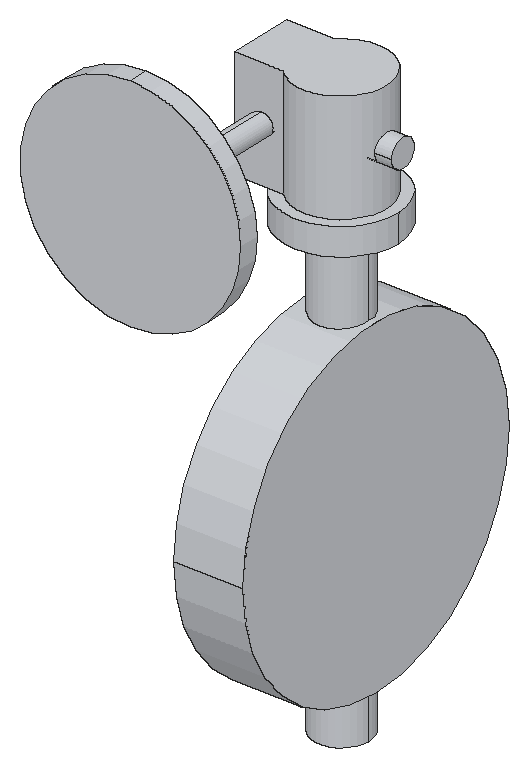
Revit family "HS497-67_disk-litina-převodové kolo DN300-RFA_2018", category Pipe Accessories, Revit 2018
Family settings
  Round Connector Dimension = Use Diameter
  Part Type = Valve - Breaks Into
  Work Plane-Based = No
  Always vertical = Yes
  Cut with Voids When Loaded = No
  Shared = No
Parameters (values of type "HS 497-67_DN300_PN16_převodové kolo")
  magiProductId = "6860f094f77d42088fbebc3c97f755"
  magiProductFamilyId = "53cea81e6f374d17b8841d9c72ad77"
  magiPartTypeId = 305
  isMeasuringValve [instance] = no
  ang2D [instance] = 0.00°
  X11 = 88.77 mm
  X1 = 36.77 mm
  W2D = 1000 mm
  VersionID = "2.0/2017.9.26.1/ZETKAMA_497_001"
  Use Minimum Symbol Size [instance] = yes
  URL = "http://www.hydronic.cz"
  Type Comments = "mezipřírubová; litinový disk; PN16; -10~+110°C (krátkodobě +120°C)"
  SW30 = yes
  SW3 = yes
  SW21 = no
  SW20 = no
  SW2 = no
  SW1 = no
  R = 150 mm
  QmdConnectorList = "301;D;302;D"
  Productdata [instance] = ""
  NC = 70 mm
  Model = ""
  Manufacturer = "Hydronic Systems Prague s.r.o."
  MM20 = 36.77 mm
  MC Product Code = "125 300 (litinový disk, s převodovým kolem; DN300; PN16, kvs7037)"
  M41 = 91.5 mm
  M4 = 61 mm
  LHL = 220 mm
  LHH3 = 2.45 mm
  LHH1 = 46.55 mm
  LH1 = 73.333 mm
  L4R__ve = -L4R  # -22.2 mm
  L4R = 22.2 mm
  L42__ve = -L42  # -166.5 mm
  L42 = 166.5 mm
  L41__ve = -L41  # -33.3 mm
  L41 = 33.3 mm
  L2D_Min = 3048 mm
  L2D = 216 mm
  L2 = 39 mm
  L1 = 62.4 mm
  L = 78 mm
  H = 23 mm
  G22 = 11.25 mm
  G2 = 22.5 mm
  G1 = 90 mm
  G = 130 mm
  F = 22 mm
  E44 = 62.5 mm
  E42 = 125 mm
  E4 = 250 mm
  E23 = 4.9 mm
  E22 = 19.6 mm
  E21 = 9.8 mm
  Description = "Mezipřírubová uzavírací klapka s převodovým kolem; litinový disk, DN300; PN16; kvs7037"
  DR2 = 150 mm
  DR = 376 mm
  DD1 = 31.25 mm
  DD = 25 mm
  D = 300 mm
  CAT0 = yes
  B2__ve = -B2  # -90 mm
  B2 = 90 mm
  A2 = 30.8 mm
  A1 = 127.2 mm
Types (43, lengths in mm): name | magiProductId | X11 | X1 | Type Comments | SW30 | SW3 | SW20 | SW2 | SW1 | R | NC | MM20 | MC Product Code | M41 | M4 | LHL | LHH3 | LHH1 | LH1 | L4R__ve | L4R | L42__ve | L42 | L41__ve | L41 | L2 | L1 | L | H | G | F | E44 | E42 | E4 | E23 | E22 | E21 | Description | DR2 | DR | DD1 | DD | D | B2__ve | B2 | A2 | A1
  HS 497-67_DN100_PN16_volné vřeteno | "65d1b245f4f142c78569c0602d5754" | 61.456 | 25.456 | "mezipřírubová; litinový disk; PN16; -10~+110°C (krátkodobě +120°C)" | no | no | no | no | yes | 50 | 50 | 25.456 | "123 100 (litinový disk, s volným vřetenem; DN100; PN16, kvs512)" | 66 | 44 | 220 | 2.45 | 46.55 | 73.333 | -12.8 | 12.8 | -96 | 96 | -19.2 | 19.2 | 26 | 41.6 | 52 | 30 | 90 | 11 | 31.25 | 62.5 | 125 | 4.9 | 19.6 | 9.8 | "Mezipřírubová uzavírací klapka s volným vřetenem; litinový disk, DN100; PN16; kvs512" | 50 | 147 | 15.625 | 12.5 | 100 | -56 | 56 | 16.5 | 98.5
  HS 497-67_DN100_PN16_převodové kolo | "11e91b807e674d428c8e796fcdcfe2" | 61.456 | 25.456 | "mezipřírubová; litinový disk; PN16; -10~+110°C (krátkodobě +120°C)" | yes | yes | no | no | no | 50 | 50 | 25.456 | "125 100 (litinový disk, s převodovým kolem; DN100; PN16, kvs512)" | 65.25 | 43.5 | 220 | 2.45 | 46.55 | 73.333 | -12.8 | 12.8 | -96 | 96 | -19.2 | 19.2 | 26 | 41.6 | 52 | 30 | 90 | 11 | 31.25 | 62.5 | 125 | 4.9 | 19.6 | 9.8 | "Mezipřírubová uzavírací klapka s převodovým kolem; litinový disk, DN100; PN16; kvs512" | 50 | 147 | 15.625 | 12.5 | 100 | -56 | 56 | 16.5 | 98.5
  HS 497-67_DN100_PN16_s pákou | "28172f0b3f4b47b28323ac71cf8749" | 61.456 | 25.456 | "mezipřírubová; litinový disk; PN16; -10~+110°C (krátkodobě +120°C)" | no | no | yes | yes | no | 50 | 50 | 25.456 | "120 100 (litinový disk, s pákou; DN100; PN16, kvs512)" | 66 | 44 | 260 | 3 | 57 | 86.667 | -12.8 | 12.8 | -96 | 96 | -19.2 | 19.2 | 26 | 41.6 | 52 | 30 | 90 | 11 | 31.25 | 62.5 | 125 | 6 | 24 | 12 | "Mezipřírubová uzavírací klapka s pákou; litinový disk, DN100; PN16; kvs512" | 50 | 147 | 15.625 | 12.5 | 100 | -56 | 56 | 16.5 | 98.5
  HS 497-67_DN125_PN16_volné vřeteno | "0d813d910fc14f628bb3c2efbd185c" | 61.456 | 25.456 | "mezipřírubová; litinový disk; PN16; -10~+110°C (krátkodobě +120°C)" | no | no | no | no | yes | 62.5 | 50 | 25.456 | "123 125 (litinový disk, s volným vřetenem; DN125; PN16, kvs872)" | 66 | 44 | 220 | 2.45 | 46.55 | 73.333 | -12.8 | 12.8 | -96 | 96 | -19.2 | 19.2 | 28 | 44.8 | 56 | 33 | 90 | 14 | 31.25 | 62.5 | 125 | 4.9 | 19.6 | 9.8 | "Mezipřírubová uzavírací klapka s volným vřetenem; litinový disk, DN125; PN16; kvs872" | 62.5 | 180 | 15.625 | 12.5 | 125 | -64 | 64 | 18 | 99.5
  HS 497-67_DN125_PN16_převodové kolo | "c56b7c13f372467684996fb1e0e229" | 61.456 | 25.456 | "mezipřírubová; litinový disk; PN16; -10~+110°C (krátkodobě +120°C)" | yes | yes | no | no | no | 62.5 | 50 | 25.456 | "125 125 (litinový disk, s převodovým kolem; DN125; PN16, kvs872)" | 65.25 | 43.5 | 220 | 2.45 | 46.55 | 73.333 | -13.5 | 13.5 | -101.25 | 101.25 | -20.25 | 20.25 | 28 | 44.8 | 56 | 33 | 90 | 14 | 40 | 80 | 160 | 4.9 | 19.6 | 9.8 | "Mezipřírubová uzavírací klapka s převodovým kolem; litinový disk, DN125; PN16; kvs872" | 62.5 | 180 | 20 | 16 | 125 | -64 | 64 | 18 | 99.5
  HS 497-67_DN125_PN16_s pákou | "105993c79a91492399feef7931321a" | 61.456 | 25.456 | "mezipřírubová; litinový disk; PN16; -10~+110°C (krátkodobě +120°C)" | no | no | yes | yes | no | 62.5 | 50 | 25.456 | "120 125 (litinový disk, s pákou; DN125; PN16, kvs872)" | 66 | 44 | 315 | 3.75 | 71.25 | 105 | -12.8 | 12.8 | -96 | 96 | -19.2 | 19.2 | 28 | 44.8 | 56 | 33 | 90 | 14 | 31.25 | 62.5 | 125 | 7.5 | 30 | 15 | "Mezipřírubová uzavírací klapka s pákou; litinový disk, DN125; PN16; kvs872" | 62.5 | 180 | 15.625 | 12.5 | 125 | -64 | 64 | 18 | 99.5
  HS 497-67_DN150_PN16_volné vřeteno | "50c80cb8ab434f55ab7796e5ac1331" | 61.456 | 25.456 | "mezipřírubová; litinový disk; PN16; -10~+110°C (krátkodobě +120°C)" | no | no | no | no | yes | 75 | 50 | 25.456 | "123 150 (litinový disk, s volným vřetenem; DN150; PN16, kvs1347)" | 66 | 44 | 220 | 2.45 | 46.55 | 73.333 | -12.8 | 12.8 | -96 | 96 | -19.2 | 19.2 | 28 | 44.8 | 56 | 33 | 90 | 14 | 31.25 | 62.5 | 125 | 4.9 | 19.6 | 9.8 | "Mezipřírubová uzavírací klapka s volným vřetenem; litinový disk, DN150; PN16; kvs1347" | 75 | 206 | 15.625 | 12.5 | 150 | -58 | 58 | 19.3 | 98.7
  HS 497-67_DN150_PN16_převodové kolo | "d94a1a0cf83b476eb10011b327f709" | 61.456 | 25.456 | "mezipřírubová; litinový disk; PN16; -10~+110°C (krátkodobě +120°C)" | yes | yes | no | no | no | 75 | 50 | 25.456 | "125 150 (litinový disk, s převodovým kolem; DN150; PN16, kvs1347)" | 65.25 | 43.5 | 220 | 2.45 | 46.55 | 73.333 | -13.5 | 13.5 | -101.25 | 101.25 | -20.25 | 20.25 | 28 | 44.8 | 56 | 33 | 90 | 14 | 40 | 80 | 160 | 4.9 | 19.6 | 9.8 | "Mezipřírubová uzavírací klapka s převodovým kolem; litinový disk, DN150; PN16; kvs1347" | 75 | 206 | 20 | 16 | 150 | -58 | 58 | 19.3 | 98.7
  HS 497-67_DN150_PN16_s pákou | "4d2835523fe84828bc50ff0a5a0dfb" | 61.456 | 25.456 | "mezipřírubová; litinový disk; PN16; -10~+110°C (krátkodobě +120°C)" | no | no | yes | yes | no | 75 | 50 | 25.456 | "120 150 (litinový disk, s pákou; DN150; PN16, kvs1347)" | 66 | 44 | 315 | 3.75 | 71.25 | 105 | -12.8 | 12.8 | -96 | 96 | -19.2 | 19.2 | 28 | 44.8 | 56 | 33 | 90 | 14 | 31.25 | 62.5 | 125 | 7.5 | 30 | 15 | "Mezipřírubová uzavírací klapka s pákou; litinový disk, DN150; PN16; kvs1347" | 75 | 206 | 15.625 | 12.5 | 150 | -58 | 58 | 19.3 | 98.7
  HS 497-67_DN200_PN16_volné vřeteno | "5b29029eaeba47139ee1055a4b9201" | 61.456 | 25.456 | "mezipřírubová; litinový disk; PN16; -10~+110°C (krátkodobě +120°C)" | no | no | no | no | yes | 100 | 50 | 25.456 | "123 200 (litinový disk, s volným vřetenem; DN200; PN16, kvs2675)" | 66 | 44 | 220 | 2.45 | 46.55 | 73.333 | -12.8 | 12.8 | -96 | 96 | -19.2 | 19.2 | 30 | 48 | 60 | 33 | 90 | 17 | 31.25 | 62.5 | 125 | 4.9 | 19.6 | 9.8 | "Mezipřírubová uzavírací klapka s volným vřetenem; litinový disk, DN200; PN16; kvs2675" | 100 | 257 | 15.625 | 12.5 | 200 | -70 | 70 | 22.5 | 102.5
  HS 497-67_DN200_PN16_převodové kolo | "b2793cc1fcc44cf2a35062cd67c04f" | 61.456 | 25.456 | "mezipřírubová; litinový disk; PN16; -10~+110°C (krátkodobě +120°C)" | yes | yes | no | no | no | 100 | 57 | 25.456 | "125 200 (litinový disk, s převodovým kolem; DN200; PN16, kvs2675)" | 78.75 | 52.5 | 220 | 2.45 | 46.55 | 73.333 | -15.2 | 15.2 | -114 | 114 | -22.8 | 22.8 | 30 | 48 | 60 | 33 | 90 | 17 | 50 | 100 | 200 | 4.9 | 19.6 | 9.8 | "Mezipřírubová uzavírací klapka s převodovým kolem; litinový disk, DN200; PN16; kvs2675" | 100 | 257 | 25 | 20 | 200 | -70 | 70 | 22.5 | 102.5
  HS 497-67_DN200_PN16_s pákou | "f88d96c7af224537a51e72d7d8fffe" | 61.456 | 25.456 | "mezipřírubová; litinový disk; PN16; -10~+110°C (krátkodobě +120°C)" | no | no | yes | yes | no | 100 | 50 | 25.456 | "120 200 (litinový disk, s pákou; DN200; PN16, kvs2675)" | 66 | 44 | 315 | 3.75 | 71.25 | 105 | -12.8 | 12.8 | -96 | 96 | -19.2 | 19.2 | 30 | 48 | 60 | 33 | 90 | 17 | 31.25 | 62.5 | 125 | 7.5 | 30 | 15 | "Mezipřírubová uzavírací klapka s pákou; litinový disk, DN200; PN16; kvs2675" | 100 | 257 | 15.625 | 12.5 | 200 | -70 | 70 | 22.5 | 102.5
  HS 497-67_DN250_PN16_volné vřeteno | "b662e8305ca2402b9c510e66e6aa55" | 88.77 | 36.77 | "mezipřírubová; litinový disk; PN16; -10~+110°C (krátkodobě +120°C)" | no | no | no | no | yes | 125 | 50 | 36.77 | "123 250 (litinový disk, s volným vřetenem; DN250; PN16, kvs4555)" | 66 | 44 | 220 | 2.45 | 46.55 | 73.333 | -12.8 | 12.8 | -96 | 96 | -19.2 | 19.2 | 34 | 54.4 | 68 | 23 | 130 | 22 | 31.25 | 62.5 | 125 | 4.9 | 19.6 | 9.8 | "Mezipřírubová uzavírací klapka s volným vřetenem; litinový disk, DN250; PN16; kvs4555" | 125 | 324 | 15.625 | 12.5 | 250 | -85 | 85 | 28.25 | 129.25
  HS 497-67_DN250_PN16_převodové kolo | "5ee9016806664ddfaa2632711f295c" | 88.77 | 36.77 | "mezipřírubová; litinový disk; PN16; -10~+110°C (krátkodobě +120°C)" | yes | yes | no | no | no | 125 | 70 | 36.77 | "125 250 (litinový disk, s převodovým kolem; DN250; PN16, kvs4555)" | 91.5 | 61 | 220 | 2.45 | 46.55 | 73.333 | -22.2 | 22.2 | -166.5 | 166.5 | -33.3 | 33.3 | 34 | 54.4 | 68 | 23 | 130 | 22 | 62.5 | 125 | 250 | 4.9 | 19.6 | 9.8 | "Mezipřírubová uzavírací klapka s převodovým kolem; litinový disk, DN250; PN16; kvs4555" | 125 | 324 | 31.25 | 25 | 250 | -85 | 85 | 28.25 | 129.25
  HS 497-67_DN300_PN16_volné vřeteno | "e1886f51ff004380a649519258edf2" | 88.77 | 36.77 | "mezipřírubová; litinový disk; PN16; -10~+110°C (krátkodobě +120°C)" | no | no | no | no | yes | 150 | 50 | 36.77 | "123 300 (litinový disk, s volným vřetenem; DN300; PN16, kvs7037)" | 66 | 44 | 220 | 2.45 | 46.55 | 73.333 | -12.8 | 12.8 | -96 | 96 | -19.2 | 19.2 | 39 | 62.4 | 78 | 23 | 130 | 22 | 31.25 | 62.5 | 125 | 4.9 | 19.6 | 9.8 | "Mezipřírubová uzavírací klapka s volným vřetenem; litinový disk, DN300; PN16; kvs7037" | 150 | 376 | 15.625 | 12.5 | 300 | -90 | 90 | 30.8 | 127.2
  HS 497-67_DN300_PN16_převodové kolo | "6860f094f77d42088fbebc3c97f755" | 88.77 | 36.77 | "mezipřírubová; litinový disk; PN16; -10~+110°C (krátkodobě +120°C)" | yes | yes | no | no | no | 150 | 70 | 36.77 | "125 300 (litinový disk, s převodovým kolem; DN300; PN16, kvs7037)" | 91.5 | 61 | 220 | 2.45 | 46.55 | 73.333 | -22.2 | 22.2 | -166.5 | 166.5 | -33.3 | 33.3 | 39 | 62.4 | 78 | 23 | 130 | 22 | 62.5 | 125 | 250 | 4.9 | 19.6 | 9.8 | "Mezipřírubová uzavírací klapka s převodovým kolem; litinový disk, DN300; PN16; kvs7037" | 150 | 376 | 31.25 | 25 | 300 | -90 | 90 | 30.8 | 127.2
  HS 497-67_DN032_PN16_volné vřeteno | "8c5f65de52aa4067a77564107e31b2" | 61.456 | 25.456 | "mezipřírubová; litinový disk; PN16; -10~+110°C (krátkodobě +120°C)" | no | no | no | no | yes | 16 | 50 | 25.456 | "123 032 (litinový disk, s volným vřetenem; DN32; PN16, kvs78)" | 66 | 44 | 220 | 2.45 | 46.55 | 73.333 | -12.8 | 12.8 | -96 | 96 | -19.2 | 19.2 | 16.5 | 26.4 | 33 | 30 | 90 | 11 | 31.25 | 62.5 | 125 | 4.9 | 19.6 | 9.8 | "Mezipřírubová uzavírací klapka s volným vřetenem; litinový disk, DN32; PN16; kvs78" | 16 | 68 | 15.625 | 12.5 | 32 | -44.2 | 44.2 | 10.25 | 76.25
  HS 497-67_DN032_PN16_převodové kolo | "60aaeffa8b3a4e809ef000e4660060" | 61.456 | 25.456 | "mezipřírubová; litinový disk; PN16; -10~+110°C (krátkodobě +120°C)" | yes | yes | no | no | no | 16 | 50 | 25.456 | "125 032 (litinový disk, s převodovým kolem; DN32; PN16, kvs78)" | 65.25 | 43.5 | 220 | 2.45 | 46.55 | 73.333 | -12.8 | 12.8 | -96 | 96 | -19.2 | 19.2 | 16.5 | 26.4 | 33 | 30 | 90 | 11 | 31.25 | 62.5 | 125 | 4.9 | 19.6 | 9.8 | "Mezipřírubová uzavírací klapka s převodovým kolem; litinový disk, DN32; PN16; kvs78" | 16 | 68 | 15.625 | 12.5 | 32 | -44.2 | 44.2 | 10.25 | 76.25
  HS 497-67_DN032_PN16_s pákou | "9ad8088d610749a1b871aa2aad8007" | 61.456 | 25.456 | "mezipřírubová; litinový disk; PN16; -10~+110°C (krátkodobě +120°C)" | no | no | yes | yes | no | 16 | 50 | 25.456 | "120 032 (litinový disk, s pákou; DN32; PN16, kvs78)" | 66 | 44 | 220 | 2.45 | 46.55 | 73.333 | -12.8 | 12.8 | -96 | 96 | -19.2 | 19.2 | 16.5 | 26.4 | 33 | 30 | 90 | 11 | 31.25 | 62.5 | 125 | 4.9 | 19.6 | 9.8 | "Mezipřírubová uzavírací klapka s pákou; litinový disk, DN32; PN16; kvs78" | 16 | 68 | 15.625 | 12.5 | 32 | -44.2 | 44.2 | 10.25 | 76.25
  HS 497-67_DN350_PN10_volné vřeteno | "72a1e05f22944421b7e9596a877137" | 109.255 | 45.255 | "mezipřírubová; litinový disk; PN10; -10~+110°C (krátkodobě +120°C)" | no | no | no | no | yes | 175 | 50 | 45.255 | "123 350 (litinový disk, s volným vřetenem; DN350; PN10, kvs10165)" | 66 | 44 | 220 | 2.45 | 46.55 | 73.333 | -12.8 | 12.8 | -96 | 96 | -19.2 | 19.2 | 39 | 62.4 | 78 | 31 | 160 | 22 | 31.25 | 62.5 | 125 | 4.9 | 19.6 | 9.8 | "Mezipřírubová uzavírací klapka s volným vřetenem; litinový disk, DN350; PN10; kvs10165" | 175 | 430 | 15.625 | 12.5 | 350 | -88 | 88 | 33.85 | 129.65
  HS 497-67_DN350_PN10_převodové kolo | "a5a01426cb28494ba3afca92f1dace" | 109.255 | 45.255 | "mezipřírubová; litinový disk; PN10; -10~+110°C (krátkodobě +120°C)" | yes | yes | no | no | no | 175 | 70 | 45.255 | "125 350 (litinový disk, s převodovým kolem; DN350; PN10, kvs10165)" | 91.5 | 61 | 220 | 2.45 | 46.55 | 73.333 | -22.2 | 22.2 | -166.5 | 166.5 | -33.3 | 33.3 | 39 | 62.4 | 78 | 31 | 160 | 22 | 62.5 | 125 | 250 | 4.9 | 19.6 | 9.8 | "Mezipřírubová uzavírací klapka s převodovým kolem; litinový disk, DN350; PN10; kvs10165" | 175 | 430 | 31.25 | 25 | 350 | -88 | 88 | 33.85 | 129.65
  HS 497-67_DN400_PN10_volné vřeteno | "c70ebeb927c04ab99b176e257ad0a7" | 109.255 | 45.255 | "mezipřírubová; litinový disk; PN10; -10~+110°C (krátkodobě +120°C)" | no | no | no | no | yes | 200 | 50 | 45.255 | "123 400 (litinový disk, s volným vřetenem; DN400; PN10, kvs13799)" | 66 | 44 | 220 | 2.45 | 46.55 | 73.333 | -12.8 | 12.8 | -96 | 96 | -19.2 | 19.2 | 51 | 81.6 | 102 | 31 | 160 | 27 | 31.25 | 62.5 | 125 | 4.9 | 19.6 | 9.8 | "Mezipřírubová uzavírací klapka s volným vřetenem; litinový disk, DN400; PN10; kvs13799" | 200 | 485 | 15.625 | 12.5 | 400 | -108 | 108 | 38 | 142
  HS 497-67_DN400_PN10_převodové kolo | "cc64a4384dcb41b780d81810f4f293" | 109.255 | 45.255 | "mezipřírubová; litinový disk; PN10; -10~+110°C (krátkodobě +120°C)" | yes | yes | no | no | no | 200 | 72.5 | 45.255 | "125 400 (litinový disk, s převodovým kolem; DN400; PN10, kvs13799)" | 103.5 | 69 | 220 | 2.45 | 46.55 | 73.333 | -27.8 | 27.8 | -208.5 | 208.5 | -41.7 | 41.7 | 51 | 81.6 | 102 | 31 | 160 | 27 | 75 | 150 | 300 | 4.9 | 19.6 | 9.8 | "Mezipřírubová uzavírací klapka s převodovým kolem; litinový disk, DN400; PN10; kvs13799" | 200 | 485 | 37.5 | 30 | 400 | -108 | 108 | 38 | 142
  HS 497-67_DN040_PN16_volné vřeteno | "35f92312390745e88df5b5c325d9ee" | 61.456 | 25.456 | "mezipřírubová; litinový disk; PN16; -10~+110°C (krátkodobě +120°C)" | no | no | no | no | yes | 20 | 50 | 25.456 | "123 040 (litinový disk, s volným vřetenem; DN40; PN16, kvs78)" | 66 | 44 | 220 | 2.45 | 46.55 | 73.333 | -12.8 | 12.8 | -96 | 96 | -19.2 | 19.2 | 16.5 | 26.4 | 33 | 30 | 90 | 11 | 31.25 | 62.5 | 125 | 4.9 | 19.6 | 9.8 | "Mezipřírubová uzavírací klapka s volným vřetenem; litinový disk, DN40; PN16; kvs78" | 20 | 76 | 15.625 | 12.5 | 40 | -36 | 36 | 11 | 79
  HS 497-67_DN040_PN16_převodové kolo | "d88e968eae3445bc9b7b4e6ff35127" | 61.456 | 25.456 | "mezipřírubová; litinový disk; PN16; -10~+110°C (krátkodobě +120°C)" | yes | yes | no | no | no | 20 | 50 | 25.456 | "125 040 (litinový disk, s převodovým kolem; DN40; PN16, kvs78)" | 65.25 | 43.5 | 220 | 2.45 | 46.55 | 73.333 | -12.8 | 12.8 | -96 | 96 | -19.2 | 19.2 | 16.5 | 26.4 | 33 | 30 | 90 | 11 | 31.25 | 62.5 | 125 | 4.9 | 19.6 | 9.8 | "Mezipřírubová uzavírací klapka s převodovým kolem; litinový disk, DN40; PN16; kvs78" | 20 | 76 | 15.625 | 12.5 | 40 | -36 | 36 | 11 | 79
  HS 497-67_DN040_PN16_s pákou | "c1b522ca65b4407a98818f232eaacb" | 61.456 | 25.456 | "mezipřírubová; litinový disk; PN16; -10~+110°C (krátkodobě +120°C)" | no | no | yes | yes | no | 20 | 50 | 25.456 | "120 040 (litinový disk, s pákou; DN40; PN16, kvs78)" | 66 | 44 | 220 | 2.45 | 46.55 | 73.333 | -12.8 | 12.8 | -96 | 96 | -19.2 | 19.2 | 16.5 | 26.4 | 33 | 30 | 90 | 11 | 31.25 | 62.5 | 125 | 4.9 | 19.6 | 9.8 | "Mezipřírubová uzavírací klapka s pákou; litinový disk, DN40; PN16; kvs78" | 20 | 76 | 15.625 | 12.5 | 40 | -36 | 36 | 11 | 79
  HS 497-67_DN450_PN10_volné vřeteno | "a8358bc282f14872b3194e530e590a" | 129.74 | 53.74 | "mezipřírubová; litinový disk; PN10; -10~+110°C (krátkodobě +120°C)" | no | no | no | no | yes | 225 | 50 | 53.74 | "123 450 (litinový disk, s volným vřetenem; DN450; PN10, kvs18514)" | 66 | 44 | 220 | 2.45 | 46.55 | 73.333 | -12.8 | 12.8 | -96 | 96 | -19.2 | 19.2 | 57 | 91.2 | 114 | 38 | 190 | 36 | 31.25 | 62.5 | 125 | 4.9 | 19.6 | 9.8 | "Mezipřírubová uzavírací klapka s volným vřetenem; litinový disk, DN450; PN10; kvs18514" | 225 | 536 | 15.625 | 12.5 | 450 | -115 | 115 | 38.05 | 117.45
  HS 497-67_DN450_PN10_převodové kolo | "cdf2d80f54a9414f9cbe50647c0ebd" | 129.74 | 53.74 | "mezipřírubová; litinový disk; PN10; -10~+110°C (krátkodobě +120°C)" | yes | yes | no | no | no | 225 | 91.5 | 53.74 | "125 450 (litinový disk, s převodovým kolem; DN450; PN10, kvs18514)" | 144.75 | 96.5 | 220 | 2.45 | 46.55 | 73.333 | -32.1 | 32.1 | -240.75 | 240.75 | -48.15 | 48.15 | 57 | 91.2 | 114 | 38 | 190 | 36 | 100 | 200 | 400 | 4.9 | 19.6 | 9.8 | "Mezipřírubová uzavírací klapka s převodovým kolem; litinový disk, DN450; PN10; kvs18514" | 225 | 536 | 50 | 40 | 450 | -115 | 115 | 38.05 | 117.45
  HS 497-67_DN500_PN10_volné vřeteno | "8c396e27bb2743f98f3c762b6517cd" | 143.397 | 59.397 | "mezipřírubová; litinový disk; PN10; -10~+110°C (krátkodobě +120°C)" | no | no | no | no | yes | 250 | 50 | 59.397 | "123 500 (litinový disk, s volným vřetenem; DN500; PN10, kvs23805)" | 66 | 44 | 220 | 2.45 | 46.55 | 73.333 | -12.8 | 12.8 | -96 | 96 | -19.2 | 19.2 | 63.5 | 101.6 | 127 | 38 | 210 | 36 | 31.25 | 62.5 | 125 | 4.9 | 19.6 | 9.8 | "Mezipřírubová uzavírací klapka s volným vřetenem; litinový disk, DN500; PN10; kvs23805" | 250 | 593 | 15.625 | 12.5 | 500 | -130 | 130 | 43.25 | 139.25
  HS 497-67_DN500_PN10_převodové kolo | "7647804f32e94cef828a7034a91a46" | 143.397 | 59.397 | "mezipřírubová; litinový disk; PN10; -10~+110°C (krátkodobě +120°C)" | yes | yes | no | no | no | 250 | 91.5 | 59.397 | "125 500 (litinový disk, s převodovým kolem; DN500; PN10, kvs23805)" | 144.75 | 96.5 | 220 | 2.45 | 46.55 | 73.333 | -32.1 | 32.1 | -240.75 | 240.75 | -48.15 | 48.15 | 63.5 | 101.6 | 127 | 38 | 210 | 36 | 100 | 200 | 400 | 4.9 | 19.6 | 9.8 | "Mezipřírubová uzavírací klapka s převodovým kolem; litinový disk, DN500; PN10; kvs23805" | 250 | 593 | 50 | 40 | 500 | -130 | 130 | 43.25 | 139.25
  HS 497-67_DN050_volné vřeteno | "d71f296ecd6d4adf8f6e5d9853b4e0" | 61.456 | 25.456 | "mezipřírubová; litinový disk; PN16; -10~+110°C (krátkodobě +120°C)" | no | no | no | no | yes | 25 | 50 | 25.456 | "123 050 (litinový disk, s volným vřetenem; DN50; PN16, kvs98)" | 66 | 44 | 220 | 2.45 | 46.55 | 73.333 | -12.8 | 12.8 | -96 | 96 | -19.2 | 19.2 | 21.5 | 34.4 | 43 | 30 | 90 | 11 | 31.25 | 62.5 | 125 | 4.9 | 19.6 | 9.8 | "Mezipřírubová uzavírací klapka s volným vřetenem; litinový disk, DN50; PN16; kvs98" | 25 | 100 | 15.625 | 12.5 | 50 | -36.5 | 36.5 | 12 | 83
  HS 497-67_DN050_PN16_převodové kolo | "2fb080deeaed49c58418b94c1da5a4" | 61.456 | 25.456 | "mezipřírubová; litinový disk; PN16; -10~+110°C (krátkodobě +120°C)" | yes | yes | no | no | no | 25 | 50 | 25.456 | "125 050 (litinový disk, s převodovým kolem; DN50; PN16, kvs98)" | 65.25 | 43.5 | 220 | 2.45 | 46.55 | 73.333 | -12.8 | 12.8 | -96 | 96 | -19.2 | 19.2 | 21.5 | 34.4 | 43 | 30 | 90 | 11 | 31.25 | 62.5 | 125 | 4.9 | 19.6 | 9.8 | "Mezipřírubová uzavírací klapka s převodovým kolem; litinový disk, DN50; PN16; kvs98" | 25 | 100 | 15.625 | 12.5 | 50 | -36.5 | 36.5 | 12 | 83
  HS 497-67_DN050_PN16_s pákou | "dabc632061f94877a994b9b4e68112" | 61.456 | 25.456 | "mezipřírubová; litinový disk; PN16; -10~+110°C (krátkodobě +120°C)" | no | no | yes | yes | no | 25 | 50 | 25.456 | "120 050 (litinový disk, s pákou; DN50; PN16, kvs98)" | 66 | 44 | 220 | 2.45 | 46.55 | 73.333 | -12.8 | 12.8 | -96 | 96 | -19.2 | 19.2 | 21.5 | 34.4 | 43 | 30 | 90 | 11 | 31.25 | 62.5 | 125 | 4.9 | 19.6 | 9.8 | "Mezipřírubová uzavírací klapka s pákou; litinový disk, DN50; PN16; kvs98" | 25 | 100 | 15.625 | 12.5 | 50 | -36.5 | 36.5 | 12 | 83
  HS 497-67_DN600_PN10_volné vřeteno | "99d5892c14664fce81a7c5903f7711" | 143.397 | 59.397 | "mezipřírubová; litinový disk; PN10; -10~+110°C (krátkodobě +120°C)" | no | no | no | no | yes | 300 | 50 | 59.397 | "123 600 (litinový disk, s volným vřetenem; DN600; PN10, kvs36778)" | 66 | 44 | 220 | 2.45 | 46.55 | 73.333 | -12.8 | 12.8 | -96 | 96 | -19.2 | 19.2 | 77 | 123.2 | 154 | 80 | 210 | 60 | 31.25 | 62.5 | 125 | 4.9 | 19.6 | 9.8 | "Mezipřírubová uzavírací klapka s volným vřetenem; litinový disk, DN600; PN10; kvs36788" | 300 | 690 | 15.625 | 12.5 | 600 | -140 | 140 | 49.4 | 144.6
  HS 497-67_DN600_PN10_převodové kolo | "b1e26faab48a4c499f6bb11e7e3002" | 143.397 | 59.397 | "mezipřírubová; litinový disk; PN10; -10~+110°C (krátkodobě +120°C)" | yes | yes | no | no | no | 300 | 140 | 59.397 | "125 600 (litinový disk, s převodovým kolem; DN600; PN10, kvs36778)" | 206.25 | 137.5 | 220 | 2.45 | 46.55 | 73.333 | -40.8 | 40.8 | -306 | 306 | -61.2 | 61.2 | 77 | 123.2 | 154 | 80 | 210 | 60 | 125 | 250 | 500 | 4.9 | 19.6 | 9.8 | "Mezipřírubová uzavírací klapka s převodovým kolem; litinový disk, DN600; PN10; kvs36788" | 300 | 690 | 62.5 | 50 | 600 | -140 | 140 | 49.4 | 144.6
  HS 497-67_DN065_PN16_volné vřeteno | "5e5e208646e34ec29f889baab5d08e" | 61.456 | 25.456 | "mezipřírubová; litinový disk; PN16; -10~+110°C (krátkodobě +120°C)" | no | no | no | no | yes | 32.5 | 50 | 25.456 | "123 065 (litinový disk, s volným vřetenem; DN65; PN16, kvs167)" | 66 | 44 | 220 | 2.45 | 46.55 | 73.333 | -12.8 | 12.8 | -96 | 96 | -19.2 | 19.2 | 23 | 36.8 | 46 | 30 | 90 | 11 | 31.25 | 62.5 | 125 | 4.9 | 19.6 | 9.8 | "Mezipřírubová uzavírací klapka s volným vřetenem; litinový disk, DN65; PN16; kv167" | 32.5 | 108 | 15.625 | 12.5 | 65 | -36.5 | 36.5 | 13.5 | 89
  HS 497-67_DN065_PN16_převodové kolo | "654d74c8d15540b0bfe523d988ccb3" | 61.456 | 25.456 | "mezipřírubová; litinový disk; PN16; -10~+110°C (krátkodobě +120°C)" | yes | yes | no | no | no | 32.5 | 50 | 25.456 | "125 065 (litinový disk, s převodovým kolem; DN65; PN16, kvs167)" | 65.25 | 43.5 | 220 | 2.45 | 46.55 | 73.333 | -12.8 | 12.8 | -96 | 96 | -19.2 | 19.2 | 23 | 36.8 | 46 | 30 | 90 | 11 | 31.25 | 62.5 | 125 | 4.9 | 19.6 | 9.8 | "Mezipřírubová uzavírací klapka s převodovým kolem; litinový disk, DN65; PN16; kvs167" | 32.5 | 108 | 15.625 | 12.5 | 65 | -36.5 | 36.5 | 13.5 | 89
  HS 497-67_DN065_PN16_s pákou | "ebeb4b59db0641caaf6d6635ab37b9" | 61.456 | 25.456 | "mezipřírubová; litinový disk; PN16; -10~+110°C (krátkodobě +120°C)" | no | no | yes | yes | no | 32.5 | 50 | 25.456 | "120 065 (litinový disk, s pákou; DN65; PN16, kvs167)" | 66 | 44 | 220 | 2.45 | 46.55 | 73.333 | -12.8 | 12.8 | -96 | 96 | -19.2 | 19.2 | 23 | 36.8 | 46 | 30 | 90 | 11 | 31.25 | 62.5 | 125 | 4.9 | 19.6 | 9.8 | "Mezipřírubová uzavírací klapka s pákou; litinový disk, DN65; PN16; kvs167" | 32.5 | 108 | 15.625 | 12.5 | 65 | -36.5 | 36.5 | 13.5 | 89
  HS 497-67_DN080_PN16_volné vřeteno | "9e85c75c18654e1185a9c48ed6b00e" | 61.456 | 25.456 | "mezipřírubová; litinový disk; PN16; -10~+110°C (krátkodobě +120°C)" | no | no | no | no | yes | 40 | 50 | 25.456 | "123 080 (litinový disk, s volným vřetenem; DN80; PN16, kvs258)" | 66 | 44 | 220 | 2.45 | 46.55 | 73.333 | -12.8 | 12.8 | -96 | 96 | -19.2 | 19.2 | 23 | 36.8 | 46 | 30 | 90 | 11 | 31.25 | 62.5 | 125 | 4.9 | 19.6 | 9.8 | "Mezipřírubová uzavírací klapka s volným vřetenem; litinový disk, DN80; PN16; kvs258" | 40 | 124 | 15.625 | 12.5 | 80 | -54 | 54 | 14.1 | 86.9
  HS 497-67_DN080_PN16_převodové kolo | "5b3c8238c3d041e68c75b199e7ea46" | 61.456 | 25.456 | "mezipřírubová; litinový disk; PN16; -10~+110°C (krátkodobě +120°C)" | yes | yes | no | no | no | 40 | 50 | 25.456 | "125 080 (litinový disk, s převodovým kolem; DN80; PN16, kvs258)" | 65.25 | 43.5 | 220 | 2.45 | 46.55 | 73.333 | -12.8 | 12.8 | -96 | 96 | -19.2 | 19.2 | 23 | 36.8 | 46 | 30 | 90 | 11 | 31.25 | 62.5 | 125 | 4.9 | 19.6 | 9.8 | "Mezipřírubová uzavírací klapka s převodovým kolem; litinový disk, DN80; PN16; kvs258" | 40 | 124 | 15.625 | 12.5 | 80 | -54 | 54 | 14.1 | 86.9
  HS 497-67_DN080_PN16_s pákou | "e414795fab0f4eccb99bc3572c5477" | 61.456 | 25.456 | "mezipřírubová; litinový disk; PN16; -10~+110°C (krátkodobě +120°C)" | no | no | yes | yes | no | 40 | 50 | 25.456 | "120 080 (litinový disk, s pákou; DN80; PN16, kvs258)" | 66 | 44 | 260 | 3 | 57 | 86.667 | -12.8 | 12.8 | -96 | 96 | -19.2 | 19.2 | 23 | 36.8 | 46 | 30 | 90 | 11 | 31.25 | 62.5 | 125 | 6 | 24 | 12 | "Mezipřírubová uzavírací klapka s pákou; litinový disk, DN80; PN16; kvs258" | 40 | 124 | 15.625 | 12.5 | 80 | -54 | 54 | 14.1 | 86.9
  HS 497-67_DN250_PN16_s pákou | "" | 88.77 | 36.77 | "mezipřírubová; litinový disk; PN16; -10~+110°C (krátkodobě +120°C)" | no | no | yes | yes | no | 125 | 70 | 36.77 | "120 250 (litinový disk, s pákou; DN250; PN16, kvs4555)" | 91.5 | 61 | 220 | 2.45 | 46.55 | 73.333 | -22.2 | 22.2 | -166.5 | 166.5 | -33.3 | 33.3 | 34 | 54.4 | 68 | 23 | 130 | 22 | 62.5 | 125 | 250 | 4.9 | 19.6 | 9.8 | "Mezipřírubová uzavírací klapka s pákou; litinový disk, DN250; PN16; kvs4555" | 125 | 324 | 31.25 | 25 | 250 | -85 | 85 | 28.25 | 129.25
  HS 497-67_DN300_PN16_s pákou | "" | 88.77 | 36.77 | "mezipřírubová; litinový disk; PN16; -10~+110°C (krátkodobě +120°C)" | no | no | yes | yes | no | 150 | 70 | 36.77 | "120 300 (litinový disk, s pákou; DN300; PN16, kvs7037)" | 91.5 | 61 | 220 | 2.45 | 46.55 | 73.333 | -22.2 | 22.2 | -166.5 | 166.5 | -33.3 | 33.3 | 39 | 62.4 | 78 | 23 | 130 | 22 | 62.5 | 125 | 250 | 4.9 | 19.6 | 9.8 | "Mezipřírubová uzavírací klapka s pákou; litinový disk, DN300; PN16; kvs7037" | 150 | 376 | 31.25 | 25 | 300 | -90 | 90 | 30.8 | 127.2
Reference planes
  plane 1 "Center (Front/Back)": y = 0
  plane 2 "XYPLANE": z = 0
  plane 3 "Center (Left/Right)": x = 0
  plane 4 "473": x = -36.77
  plane 5 "472": x = -91.5
  plane 6 "471": y = -36.77
  plane 7 "470": y = 36.77
  plane 8 "469": x = -61
  plane 9 "468": y = -199.8
  plane 10 "467": y = -166.5
  plane 11 "466": z = 370.5
  plane 12 "465": z = 354.55
  plane 13 "464": y = 145.417
  plane 14 "463": z = 344.75
  plane 15 "462": z = 327.6
  plane 16 "461": z = 337.4
  plane 17 "460": y = 72.083
  plane 18 "459": x = -11.25
  plane 19 "458": x = 11.25
  plane 20 "457": y = -6.25
  plane 21 "456": x = -17.5
  plane 22 "455": x = 17.5
  plane 23 "454": z = 342.3
  plane 24 "453": y = 62.083
  plane 25 "452": y = -11.25
  plane 26 "451": x = -22.5
  plane 27 "450": x = 22.5
  plane 28 "449": z = 322.7
  plane 29 "448": z = 317.8
  plane 30 "447": z = -150
  plane 31 "446": z = 308
  plane 32 "445": z = 277.2
  plane 33 "444": z = 150
  plane 34 "443": x = 39
  plane 35 "442": x = -39
  plane 36 "441": z = 0
  plane 37 "440": y = 0
  plane 38 "439": x = 0
  plane 39 "438": z = 357
  plane 40 "437": z = 342.3
  plane 41 "436": x = 13.7
  plane 42 "435": x = -13.7
  plane 43 "434": y = 220
Forms (mm)
  Extrusion 1, solid, visible <- "SW3"
    sketch origin (-750, 0, 308) x (1, 0, 0) y (0, 1, 0)
      loop
        line (658.5, 36.77) -> (658.5, -36.77) -> (713.23, -36.77)
        arc (713.23, -36.77) -> (802, 0) -> (713.23, 36.77) r 52
        line (713.23, 36.77) -> (658.5, 36.77)
    from 0 to 125 <- "E42"
  Extrusion 2, solid, visible <- "SW30"
    sketch origin (0, -750, 0) x (0, 1, 0) y (0, 0, 1)
      loop
        circle (750, 370.5) r 15.625
    from 0 to 70 <- "NC"
  Extrusion 3, solid, visible <- "SW30"
    sketch origin (750, -199.8, 0) x (-1, 0, 0) y (0, 0, 1)
      loop
        circle (811, 370.5) r 125
    from 0 to -22.2 <- "L4R__ve"
  Extrusion 4, solid, visible <- "SW3"
    sketch origin (750, -166.5, 0) x (-1, 0, 0) y (0, 0, 1)
      loop
        circle (811, 370.5) r 15.625
    from 0 to -33.3 <- "L41__ve"
  Extrusion 5, solid, visible <- "SW30"
    sketch origin (750, 0, 0) x (-1, 0, 0) y (0, 0, 1)
      loop
        circle (811, 370.5) r 12.5
    from 0 to -166.5 <- "L42__ve"
  Blend 6, solid, visible <- "SW21"
    base sketch origin (750, 72.083, 0) x (-1, 0, 0) y (0, 0, 1)
      loop
        line (761.25, 337.4) -> (738.75, 337.4) -> (738.75, 327.6) -> (761.25, 327.6) -> (761.25, 337.4)
    top sketch origin (750, 72.083, 0) x (-1, 0, 0) y (0, 0, 1)
      loop
        line (761.25, 354.55) -> (738.75, 354.55) -> (738.75, 344.75) -> (761.25, 344.75) -> (761.25, 354.55)
    from 0 to 73.333
  Blend 7, solid, visible <- "SW21"
    base sketch origin (750, 62.083, 0) x (-1, 0, 0) y (0, 0, 1)
      loop
        line (761.25, 342.3) -> (738.75, 342.3) -> (738.75, 322.7) -> (761.25, 322.7) -> (761.25, 342.3)
    top sketch origin (750, 62.083, 0) x (-1, 0, 0) y (0, 0, 1)
      loop
        line (761.25, 337.4) -> (738.75, 337.4) -> (738.75, 327.6) -> (761.25, 327.6) -> (761.25, 337.4)
    from 0 to 10
  Blend 8, solid, visible <- "SW21"
    base sketch origin (-750, 0, 322.7) x (1, 0, 0) y (0, 1, 0)
      loop
        line (772.5, 62.083) -> (727.5, 62.083) -> (727.5, -11.25)
        arc (727.5, -11.25) -> (750, -31.25) -> (772.5, -11.25) r 22.656
        line (772.5, -11.25) -> (772.5, 62.083)
    top sketch origin (-750, 0, 322.7) x (1, 0, 0) y (0, 1, 0)
      loop
        line (767.5, 62.083) -> (732.5, 62.083) -> (732.5, -6.25)
        arc (732.5, -6.25) -> (750, -26.25) -> (767.5, -6.25) r 17.656
        line (767.5, -6.25) -> (767.5, 62.083)
    from 0 to 19.6
  Extrusion 9, solid, visible <- "SW2"
    sketch origin (-750, 0, 317.8) x (1, 0, 0) y (0, 1, 0)
      loop
        circle (750, 0) r 11.25
    from 0 to 4.9 <- "E23"
  Extrusion 10, solid, visible <- "SW2"
    sketch origin (-750, 0, 308) x (1, 0, 0) y (0, 1, 0)
      loop
        circle (750, 0) r 45
    from 0 to 9.8 <- "E21"
  Extrusion 11, solid, visible <- "CAT0"
    sketch origin (-750, 0, -150) x (1, 0, 0) y (0, 1, 0)
      loop
        circle (750, 0) r 31.2
    from 0 to -90 <- "B2__ve"
  Extrusion 12, solid, visible <- "CAT0"
    sketch origin (-750, 0, 277.2) x (1, 0, 0) y (0, 1, 0)
      loop
        circle (750, 0) r 65
    from 0 to 30.8 <- "A2"
  Extrusion 13, solid, visible <- "CAT0"
    sketch origin (-750, 0, 150) x (1, 0, 0) y (0, 1, 0)
      loop
        circle (750, 0) r 31.2
    from 0 to 127.2 <- "A1"
  Extrusion 14, solid, visible <- "CAT0"
    sketch origin (-39, -750, 0) x (0, 1, 0) y (0, 0, 1)
      loop
        circle (750, 0) r 188
    from 0 to 78 <- "L"
  Extrusion 15, solid, visible <- "SW1"
    sketch origin (-750, 0, 308) x (1, 0, 0) y (0, 1, 0)
      loop
        line (761, 11) -> (739, 11) -> (739, -11) -> (761, -11) -> (761, 11)
    from 0 to 23 <- "H"
  Blend 16, solid, visible <- "SW2"
    base sketch origin (750, 145.417, 0) x (-1, 0, 0) y (0, 0, 1)
      loop
        arc (763.7, 352) -> (762.236, 355.536) -> (758.7, 357) r 5
        line (758.7, 357) -> (741.3, 357)
        arc (741.3, 357) -> (737.764, 355.536) -> (736.3, 352) r 5
        line (736.3, 352) -> (736.3, 347.3)
        arc (736.3, 347.3) -> (737.764, 343.764) -> (741.3, 342.3) r 5
        line (741.3, 342.3) -> (758.7, 342.3)
        arc (758.7, 342.3) -> (762.236, 343.764) -> (763.7, 347.3) r 5
        line (763.7, 347.3) -> (763.7, 352)
    top sketch origin (750, 145.417, 0) x (-1, 0, 0) y (0, 0, 1)
      loop
        arc (763.7, 352) -> (762.236, 355.536) -> (758.7, 357) r 5
        line (758.7, 357) -> (741.3, 357)
        arc (741.3, 357) -> (737.764, 355.536) -> (736.3, 352) r 5
        line (736.3, 352) -> (736.3, 347.3)
        arc (736.3, 347.3) -> (737.764, 343.764) -> (741.3, 342.3) r 5
        line (741.3, 342.3) -> (758.7, 342.3)
        arc (758.7, 342.3) -> (762.236, 343.764) -> (763.7, 347.3) r 5
        line (763.7, 347.3) -> (763.7, 352)
    from 0 to 74.583
  Blend 17, solid, visible <- "SW20"
    base sketch origin (750, 145.417, 0) x (-1, 0, 0) y (0, 0, 1)
      loop
        line (763.7, 357) -> (736.3, 357) -> (736.3, 342.3) -> (763.7, 342.3) -> (763.7, 357)
    top sketch origin (750, 145.417, 0) x (-1, 0, 0) y (0, 0, 1)
      loop
        line (761.25, 342.3) -> (738.75, 342.3) -> (738.75, 322.7) -> (761.25, 322.7) -> (761.25, 342.3)
    from 0 to -83.333
  Extrusion 18, solid, visible <- "SW20"
    sketch origin (-750, 0, 322.7) x (1, 0, 0) y (0, 1, 0)
      loop
        line (772.5, 62.083) -> (727.5, 62.083) -> (727.5, -11.25)
        arc (727.5, -11.25) -> (750, -31.25) -> (772.5, -11.25) r 22.656
        line (772.5, -11.25) -> (772.5, 62.083)
    from 0 to 19.6 <- "E22"
  Extrusion 19, solid, not visible
    sketch origin (-39, -750, 0) x (0, 1, 0) y (0, 0, 1)
      loop
        circle (750, 0) r 10
    from 0 to 10
  Extrusion 20, solid, not visible
    sketch origin (39, -750, 0) x (0, 1, 0) y (0, 0, 1)
      loop
        circle (750, 0) r 10
    from 0 to -10
Lines and regions (mm)
  reference lines, not visible
    curve 1: circle (2, 2, 0) r 1 normal (0, 0, 1)
  reference lines
    curve 2: line (-36.77, -36.77, 308) -> (-36.77, 36.77, 308)
    curve 3: line (-17.5, -6.25, 322.7) -> (17.5, -6.25, 322.7)
    curve 4: line (-22.5, -11.25, 322.7) -> (22.5, -11.25, 322.7)
    curve 5: circle (0, 0, 308) r 1 normal (0, 0, 1)
    curve 6: line (-22.5, -11.25, 322.7) -> (22.5, -11.25, 322.7)
Dimensions and locks
  plane 1 "Center (Front/Back)" to curve 1 = 2 mm
  "X1": plane 3 "Center (Left/Right)" to plane 4 "473"
  "M41": plane 3 "Center (Left/Right)" to plane 5 "472"
  "MM20": plane 1 "Center (Front/Back)" to plane 6 "471"
  "MM20": plane 1 "Center (Front/Back)" to plane 7 "470"
  "M4": plane 3 "Center (Left/Right)" to plane 8 "469"
  "L41": plane 10 "467" to plane 9 "468"
  "L42": plane 1 "Center (Front/Back)" to plane 10 "467"
  "E44": plane 31 "446" to plane 11 "466"
  "LHH1": plane 31 "446" to plane 12 "465"
  "LH1": plane 17 "460" to plane 13 "464"
  "E21": plane 12 "465" to plane 14 "463"
  "E21": plane 16 "461" to plane 15 "462"
  "E23": plane 23 "454" to plane 16 "461"
  locked: plane 24 "453" to plane 17 "460" at 10
  "G22": plane 3 "Center (Left/Right)" to plane 18 "459"
  "G22": plane 3 "Center (Left/Right)" to plane 19 "458"
  locked: plane 25 "452" to plane 20 "457" at 5
  locked: plane 26 "451" to plane 21 "456" at 5
  locked: plane 27 "450" to plane 22 "455" at 5
  "E22": plane 28 "449" to plane 23 "454"
  "LH1": plane 25 "452" to plane 24 "453"
  "G22": plane 1 "Center (Front/Back)" to plane 25 "452"
  "G2": plane 3 "Center (Left/Right)" to plane 26 "451"
  "G2": plane 3 "Center (Left/Right)" to plane 27 "450"
  "E23": plane 29 "448" to plane 28 "449"
  "E21": plane 31 "446" to plane 29 "448"
  "R": plane 2 "XYPLANE" to plane 30 "447"
  "A2": plane 32 "445" to plane 31 "446"
  "A1": plane 33 "444" to plane 32 "445"
  "DR2": plane 2 "XYPLANE" to plane 33 "444"
  "L2": plane 3 "Center (Left/Right)" to plane 34 "443"
  "L2": plane 3 "Center (Left/Right)" to plane 35 "442"
  locked: plane 2 "XYPLANE" to plane 36 "441"
  locked: plane 1 "Center (Front/Back)" to plane 37 "440"
  locked: plane 3 "Center (Left/Right)" to plane 38 "439"
  "LHH3": plane 12 "465" to plane 39 "438"
  "LHH3": plane 14 "463" to plane 40 "437"
  "LHH3": plane 19 "458" to plane 41 "436"
  "LHH3": plane 18 "459" to plane 42 "435"
  "LHL": plane 1 "Center (Front/Back)" to plane 43 "434"
  "X11": curve 2 to Extrusion 1 sketch curve
  Extrusion 1 sketch curve to Extrusion 1 sketch curve = 0 mm  (x8)
  Blend 6 sketch curve to Blend 6 sketch curve = 0 mm  (x16)
  Blend 7 sketch curve to Blend 7 sketch curve = 0 mm  (x16)
  Blend 8 sketch curve to Blend 8 sketch curve = 0 mm  (x16)
  equal spacing: Extrusion 15 sketch curve, curve 5, Extrusion 15 sketch curve  (x2)
  "F": Extrusion 15 sketch curve to Extrusion 15 sketch curve  (x2)
  Blend 16 sketch curve to Blend 16 sketch curve = 0 mm  (x32)
  Blend 17 sketch curve to Blend 17 sketch curve = 0 mm  (x16)
  Extrusion 18 sketch curve to Extrusion 18 sketch curve = 0 mm  (x8)
  "DD1": diameter of Extrusion 2 sketch curve
  "E4": diameter of Extrusion 3 sketch curve
  "DD1": diameter of Extrusion 4 sketch curve
  "DD": diameter of Extrusion 5 sketch curve
  "G2": diameter of Extrusion 9 sketch curve
  "G1": diameter of Extrusion 10 sketch curve
  "L1": diameter of Extrusion 11 sketch curve
  "G": diameter of Extrusion 12 sketch curve
  "L1": diameter of Extrusion 13 sketch curve
  "DR": diameter of Extrusion 14 sketch curve
  radius of Blend 16 sketch curve = 5 mm  (x8)
  aligned and locked: level to plane 2 "XYPLANE"
  aligned and locked: Extrusion 1 sketch curve to plane 5 "472"
  aligned and locked: plane 7 "470" to Extrusion 1 sketch curve
  aligned and locked: plane 6 "471" to Extrusion 1 sketch curve
  aligned and locked: plane 5 "472" to Extrusion 1 sketch curve
  aligned and locked: plane 4 "473" to Extrusion 1 sketch curve  (x2)
  aligned and locked: plane 4 "473" to curve 2
  aligned and locked: plane 6 "471" to curve 2
  aligned and locked: plane 7 "470" to curve 2
  aligned and locked: Extrusion 1 sketch curve to plane 7 "470"
  aligned and locked: plane 11 "466" to Extrusion 2 sketch curve
  aligned and locked: plane 37 "440" to Extrusion 2 sketch curve
  aligned and locked: plane 8 "469" to Extrusion 3 sketch curve
  aligned and locked: plane 11 "466" to Extrusion 3 sketch curve
  aligned and locked: plane 8 "469" to Extrusion 4 sketch curve
  aligned and locked: plane 11 "466" to Extrusion 4 sketch curve
  aligned and locked: plane 8 "469" to Extrusion 5 sketch curve
  aligned and locked: plane 11 "466" to Extrusion 5 sketch curve
  aligned and locked: plane 12 "465" to Blend 6 sketch curve  (x2)
  aligned and locked: plane 18 "459" to Blend 6 sketch curve  (x4)
  aligned and locked: plane 19 "458" to Blend 6 sketch curve  (x4)
  aligned and locked: plane 14 "463" to Blend 6 sketch curve  (x2)
  aligned and locked: plane 16 "461" to Blend 6 sketch curve  (x2)
  aligned and locked: plane 15 "462" to Blend 6 sketch curve  (x2)
  aligned and locked: plane 13 "464" to Blend 6
  aligned and locked: plane 16 "461" to Blend 7 sketch curve  (x2)
  aligned and locked: plane 18 "459" to Blend 7 sketch curve  (x4)
  aligned and locked: plane 19 "458" to Blend 7 sketch curve  (x4)
  aligned and locked: plane 15 "462" to Blend 7 sketch curve  (x2)
  aligned and locked: plane 23 "454" to Blend 7 sketch curve  (x2)
  aligned and locked: plane 28 "449" to Blend 7 sketch curve  (x2)
  aligned and locked: plane 17 "460" to Blend 7
  aligned and locked: plane 24 "453" to Blend 8 sketch curve  (x4)
  aligned and locked: plane 22 "455" to Blend 8 sketch curve  (x2)
  aligned and locked: plane 21 "456" to Blend 8 sketch curve
  aligned and locked: plane 20 "457" to Blend 8 sketch curve  (x2)
  aligned and locked: curve 3 to plane 20 "457"
  aligned and locked: plane 21 "456" to curve 3
  aligned and locked: plane 22 "455" to curve 3
  aligned and locked: plane 27 "450" to Blend 8 sketch curve  (x2)
  aligned and locked: plane 26 "451" to Blend 8 sketch curve
  aligned and locked: plane 25 "452" to Blend 8 sketch curve  (x2)
  aligned and locked: curve 4 to plane 25 "452"
  aligned and locked: plane 26 "451" to curve 4
  aligned and locked: plane 27 "450" to curve 4
  aligned and locked: plane 23 "454" to Blend 8
  aligned and locked: plane 37 "440" to Extrusion 9 sketch curve
  aligned and locked: plane 38 "439" to Extrusion 9 sketch curve
  aligned and locked: plane 37 "440" to Extrusion 10 sketch curve
  aligned and locked: plane 38 "439" to Extrusion 10 sketch curve
  aligned and locked: plane 37 "440" to Extrusion 11 sketch curve
  aligned and locked: plane 38 "439" to Extrusion 11 sketch curve
  aligned and locked: plane 37 "440" to Extrusion 12 sketch curve
  aligned and locked: plane 38 "439" to Extrusion 12 sketch curve
  aligned and locked: plane 37 "440" to Extrusion 13 sketch curve
  aligned and locked: plane 38 "439" to Extrusion 13 sketch curve
  aligned and locked: plane 36 "441" to Extrusion 14 sketch curve
  aligned and locked: Extrusion 14 sketch curve to plane 37 "440"
  aligned and locked: plane 37 "440" to curve 5
  aligned and locked: plane 38 "439" to curve 5
  aligned and locked: plane 39 "438" to Blend 16 sketch curve  (x2)
  aligned and locked: plane 41 "436" to Blend 16 sketch curve  (x2)
  aligned and locked: Blend 16 sketch curve to plane 40 "437"  (x2)
  aligned and locked: Blend 16 sketch curve to plane 42 "435"  (x2)
  aligned and locked: plane 43 "434" to Blend 16
  aligned and locked: plane 23 "454" to Blend 17 sketch curve  (x2)
  aligned and locked: plane 18 "459" to Blend 17 sketch curve  (x2)
  aligned and locked: plane 19 "458" to Blend 17 sketch curve  (x2)
  aligned and locked: plane 28 "449" to Blend 17 sketch curve  (x2)
  aligned and locked: plane 39 "438" to Blend 17 sketch curve  (x2)
  aligned and locked: plane 42 "435" to Blend 17 sketch curve  (x2)
  aligned and locked: plane 41 "436" to Blend 17 sketch curve  (x2)
  aligned and locked: plane 40 "437" to Blend 17 sketch curve  (x2)
  aligned and locked: Blend 17 to plane 24 "453"
  aligned and locked: plane 24 "453" to Extrusion 18 sketch curve  (x2)
  aligned and locked: plane 27 "450" to Extrusion 18 sketch curve  (x2)
  aligned and locked: plane 26 "451" to Extrusion 18 sketch curve
  aligned and locked: plane 25 "452" to Extrusion 18 sketch curve  (x2)
  aligned and locked: curve 6 to plane 25 "452"
  aligned and locked: plane 26 "451" to curve 6
  aligned and locked: plane 27 "450" to curve 6
  aligned and locked: plane 36 "441" to Extrusion 19 sketch curve
  aligned and locked: Extrusion 19 sketch curve to plane 37 "440"
  aligned and locked: plane 36 "441" to Extrusion 20 sketch curve
  aligned and locked: Extrusion 20 sketch curve to plane 37 "440"
Automatic sketch dimensions
  Blend 8 sketch curve to plane 20 "457" = 2.344 mm  (x2)
  Extrusion 18 sketch curve to plane 20 "457" = 2.344 mm
  plane 25 "452" to Extrusion 19 sketch curve = 1.25 mm
  plane 25 "452" to Extrusion 20 sketch curve = 1.25 mm
  plane 3 "Center (Left/Right)" to curve 1 = 2 mm
  Extrusion 15 sketch curve to plane 3 "Center (Left/Right)" = 11 mm
  Extrusion 15 sketch curve to plane 20 "457" = 4.75 mm
  radius of curve 5 = 1 mm
  radius of curve 1 = 1 mm
Connectors
  piping at (-39, 0, 0), diameter 300, driven by "D"
    settings: on Extrusion 19, index 1, connector inside diameter 609.6 mm, connector length 0 mm, flow factor 0, pipe flow 0.0 L/s, pressure drop 0.0 Pa, fitting loss kfactor 0, connector angle 0.00°, fixture units 0, engagement length 0 mm, angle of deflection 0.00°, flow configuration 0, flow direction 0, fitting loss method 0, system type 29, joint type 0, gender type 0, connector reference index 2, connector utility 0, adjustable connector no, is connector primary yes, connector description ""
  piping at (39, 0, 0), diameter 300, driven by "D"
    settings: on Extrusion 20, index 2, connector inside diameter 609.6 mm, connector length 0 mm, flow factor 0, pipe flow 0.0 L/s, pressure drop 0.0 Pa, fitting loss kfactor 0, connector angle 0.00°, fixture units 0, engagement length 0 mm, angle of deflection 0.00°, flow configuration 0, flow direction 0, fitting loss method 0, system type 29, joint type 0, gender type 0, connector reference index 1, connector utility 0, adjustable connector no, is connector primary no, connector description ""
